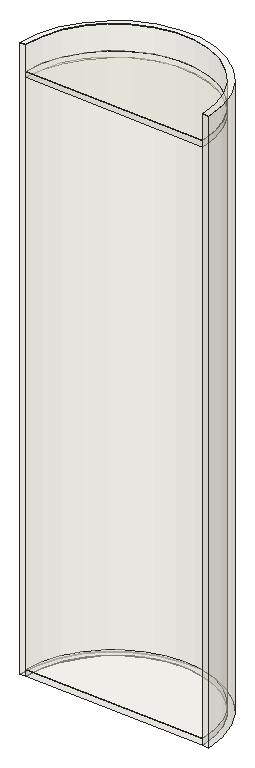
Revit family
Parameters
  Wattage = 12.1178 W
  built-in parameter 1150110 = 1 (stored number, unit not read)
  built-in parameter 1114217 = 1 (stored number, unit not read)
  built-in parameter 1150109 = 1 (stored number, unit not read)
  built-in parameter 1150134 = 3
  built-in parameter 1150113 = 1 (stored number, unit not read)
  built-in parameter 1150105 = 143.24 (stored number, unit not read)
  built-in parameter 1150115 = 1 (stored number, unit not read)
  Light Source Symbol Size = 609.6 mm
  built-in parameter 1150137 = (empty or 0)
  built-in parameter 1150139 = (empty or 0)
  built-in parameter 1150112 = 1 (stored number, unit not read)
  built-in parameter 1150114 = 1 (stored number, unit not read)
  Keynote = "V"
  built-in parameter 1150132 = 2
  built-in parameter 1150102 = (empty or 0)
  built-in parameter 1150107 = 3200 (stored number, unit not read)
  built-in parameter 1150138 = (empty or 0)
  built-in parameter 1150106 = 1.4324 (stored number, unit not read)
  built-in parameter 1150104 = 13.8 (stored number, unit not read)
  Dimming Lamp Color Temperature Shift = (empty or 0)
  Color Filter = 16777215
  built-in parameter 1114218 = 1 (stored number, unit not read)
  built-in parameter 1150133 = 10 (stored number, unit not read)
  Assembly Code = "D5020220"
  Diameter = 200 mm
  Height = 600 mm
  Lumens = 1800 lm
  Material Sconce = Glass - Frosted
Reference planes
  plane 1: y = 0
  plane 2 "Light Source Axis": y = 139.7
  plane 3 "Light Source Axis": x = -36.356
  plane 4 "Light Source Elevation": z = 1925.6
  plane 5: z = 2225.6
  plane 6: z = 1625.6
  plane 7: y = 76.2
Forms (mm)
  Extrusion 1, solid, material "Glass - Frosted" <- "Material Sconce"
    sketch origin (0, 0, 0) x (1, 0, 0) y (0, 1, 0)
      loop
        arc (63.644, 76.2) -> (-36.356, 176.2) -> (-136.356, 76.2) r 100
        line (-136.356, 76.2) -> (-130.006, 76.2)
        arc (-130.006, 76.2) -> (-36.356, 169.85) -> (57.294, 76.2) r 93.65
        line (57.294, 76.2) -> (63.644, 76.2)
    from 1625.6 to 2225.6
  Extrusion 2, solid, material "Glass - Frosted" <- "Material Sconce"
    sketch origin (0, 0, 2225.6) x (0, 1, 0) y (-1, 0, 0)
      loop
        line (76.2, 130.006) -> (76.2, -57.294)
        arc (76.2, -57.294) -> (169.85, 36.356) -> (76.2, 130.006) r 93.65
    from -25.4 to -31.75
  Extrusion 3, solid, material "Glass - Frosted" <- "Material Sconce"
    sketch origin (0, 0, 1625.6) x (0, 1, 0) y (-1, 0, 0)
      loop
        line (76.2, 130.006) -> (76.2, -57.294)
        arc (76.2, -57.294) -> (169.85, 36.356) -> (76.2, 130.006) r 93.65
    from 0 to 6.35
Lines and regions (mm)
  symbolic lines
    curve 1: arc (-136.356, 76.2, 0) -> (-36.356, 176.2, 0) -> (63.644, 76.2, 0) r 100
Text (mm)
  text "Placement Side" at (0, 1019.848, 3124.603), in view "Right"
  text "Placement Side" at (-1821.615, 723.012, 0), in view "Ref. Level"
  text "Placement Side" at (0, 1206.291, 2967.183), in view "Left"
Dimensions and locks
  plane 6 to level = 1625.6 mm
  equal spacing: plane 5, plane 4 "Light Source Elevation", plane 6
  "Diameter": Extrusion 1 sketch curve to Extrusion 1 sketch curve
  locked: Extrusion 3 sketch curve to Extrusion 1 at 6.35
  locked: Extrusion 2 sketch curve to Extrusion 1 at 6.35
  "Height": plane 5 to plane 6
  locked: plane 7 to plane 2 "Light Source Axis" at 63.5
  locked: curve 1 to Extrusion 1 at 6.35
  aligned and locked: plane 5 to Extrusion 1
  aligned and locked: Extrusion 1 to plane 6
  aligned and locked: plane 7 to host wall
  aligned and locked: curve 1 to Extrusion 1
  aligned and locked: plane 3 "Light Source Axis" to imposter light
  aligned and locked: plane 2 "Light Source Axis" to imposter light
  aligned and locked: plane 4 "Light Source Elevation" to imposter light
Automatic sketch dimensions
  Extrusion 1 sketch curve to host wall = 0 mm
  Extrusion 1 sketch curve to plane 3 "Light Source Axis" = 0 mm  (x2)
  Extrusion 1 sketch curve to Extrusion 1 sketch curve = 6.35 mm
  Extrusion 2 sketch curve to host wall = 0 mm
  Extrusion 2 sketch curve to plane 3 "Light Source Axis" = 0 mm
  Extrusion 3 sketch curve to host wall = 0 mm
  Extrusion 3 sketch curve to plane 3 "Light Source Axis" = 0 mm
  curve 1 to plane 3 "Light Source Axis" = 0 mm
